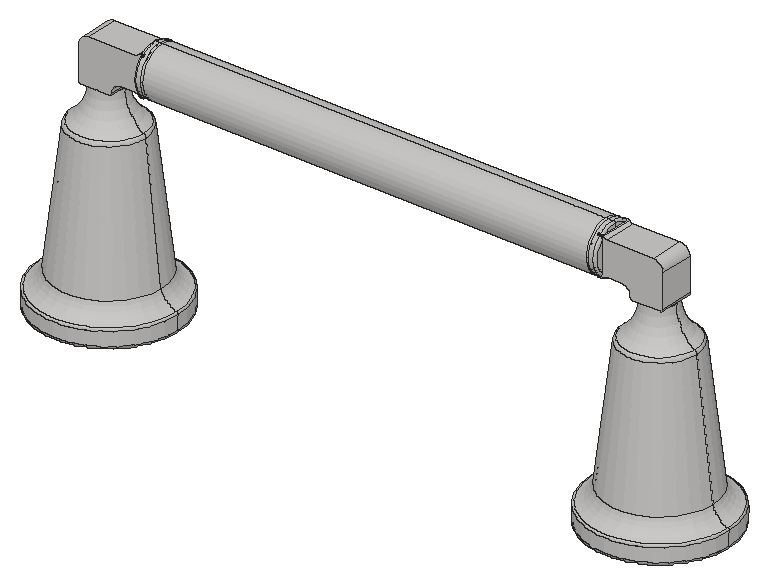
Revit family "FG74808-SUP473283_BIM", category Plumbing Fixtures, host Face, Revit 2014
Parameters (values of type "Standard")
  Width = 10"  # constant formula
  Vent Connection = no
  URL = ""
  Manufacturer = ""
  Faucet Material = Metal - Delta - Stainless-Steel
  Model = "FG74808-SUP473283"  # constant formula
  Height = 3 43/64"  # constant formula
  Description = "Faucet"  # constant formula
  Depth = 2 1/64"  # constant formula
  Default Elevation = 0"
Reference planes (in)
  plane 1 "Center (Front/Back)": y = 0
  plane 2: z = 0
  plane 3 "Center (Left/Right)": x = 0
  plane 4: y = 1.00781
  plane 5: y = -1.00781
  plane 6: z = 3.67187
  plane 7: x = 10.125
  plane 8: x = -5
  plane 9: x = 5
Forms (in)
  Revolve 1, solid, material "Metal - Delta - Stainless-Steel" <- "Faucet Material"
    sketch origin (0, 0, 0) x (1, 0, 0) y (0, 0, 1)
      loop
        line (-4.91532, 0) -> (-4.91532, 0.22378)
        arc (-4.91532, 0.22378) -> (-4.78204, 0.33659) -> (-4.70938, 0.49536) r 0.40081
        arc (-4.70938, 0.49536) -> (-4.54415, 1.43185) -> (-4.44485, 2.37761) r 13.58497
        arc (-4.44485, 2.37761) -> (-4.24127, 2.61229) -> (-4.16479, 2.91341) r 0.67301
        line (-4.16479, 2.91341) -> (-4.22664, 2.91341)
        arc (-4.22664, 2.91341) -> (-4.29264, 2.63152) -> (-4.48644, 2.41646) r 0.58117
        arc (-4.48644, 2.41646) -> (-4.50864, 2.39302) -> (-4.51831, 2.36222) r 0.07173
        arc (-4.51831, 2.36222) -> (-4.61188, 1.42749) -> (-4.74728, 0.49789) r 20.93898
        arc (-4.74728, 0.49789) -> (-4.82588, 0.35629) -> (-4.96275, 0.26972) r 0.32726
        arc (-4.96275, 0.26972) -> (-4.98016, 0.25707) -> (-4.98682, 0.2366) r 0.03482
        line (-4.98682, 0.2366) -> (-4.98682, 0.03864)
        arc (-4.98682, 0.03864) -> (-4.9755, 0.01132) -> (-4.94818, 0) r 0.03864
        line (-4.94818, 0) -> (-4.91532, 0)
      axis (-3.98683, 0) -> (-3.98683, 2.91341)
    angle from 0 to 360
  Extrusion 2, solid, material "Metal - Delta - Stainless-Steel" <- "Faucet Material"
    sketch origin (0, 0, 0) x (1, 0, 0) y (0, 0, 1)
      loop
        arc (-4.08632, 3.56021) -> (-4.18554, 3.51911) -> (-4.22664, 3.41989) r 0.14032
        line (-4.22664, 3.41989) -> (-4.22664, 2.94817)
        arc (-4.22664, 2.94817) -> (-4.21657, 2.92386) -> (-4.19226, 2.91379) r 0.03438
        line (-4.19226, 2.91379) -> (-3.78927, 2.91379)
        arc (-3.78927, 2.91379) -> (-3.76252, 2.92443) -> (-3.7504, 2.95054) r 0.03893
        arc (-3.7504, 2.95054) -> (-3.70682, 3.0444) -> (-3.61067, 3.08266) r 0.13995
        line (-3.61067, 3.08266) -> (-3.41325, 3.08266)
        arc (-3.41325, 3.08266) -> (-3.37986, 3.07531) -> (-3.35264, 3.05461) r 0.07949
        arc (-3.35264, 3.05461) -> (-3.33995, 3.04495) -> (-3.32437, 3.04152) r 0.03709
        line (-3.32437, 3.04152) -> (-3.28559, 3.04152) -> (-3.28559, 3.59776) -> (-3.32441, 3.59776)
        arc (-3.32441, 3.59776) -> (-3.33999, 3.59447) -> (-3.35289, 3.58516) r 0.03847
        arc (-3.35289, 3.58516) -> (-3.37843, 3.56673) -> (-3.40924, 3.56021) r 0.07611
        line (-3.40924, 3.56021) -> (-4.08632, 3.56021)
    from -0.23981 to 0.2398
  Revolve 3, solid, material "Metal - Delta - Stainless-Steel" <- "Faucet Material"
    sketch origin (0, 0, 0) x (1, 0, 0) y (0, 0, 1)
      loop
        line (3.20819, 3.67497) -> (-3.20819, 3.67497)
        arc (-3.20819, 3.67497) -> (-3.22478, 3.67066) -> (-3.24142, 3.6748) r 0.03477
        line (-3.24142, 3.6748) -> (-3.30426, 3.6748)
        arc (-3.30426, 3.6748) -> (-3.32801, 3.66497) -> (-3.33785, 3.64122) r 0.03359
        line (-3.33785, 3.64122) -> (-3.33785, 3.32015) -> (3.33785, 3.32015) -> (3.33785, 3.64122)
        arc (3.33785, 3.64122) -> (3.32801, 3.66497) -> (3.30426, 3.6748) r 0.03359
        line (3.30426, 3.6748) -> (3.24142, 3.6748)
        arc (3.24142, 3.6748) -> (3.22478, 3.67066) -> (3.20819, 3.67497) r 0.03477
      axis (-3.33785, 3.32015) -> (3.33785, 3.32015)
    angle from 0 to 360
  Revolve 4, solid, material "Metal - Delta - Stainless-Steel" <- "Faucet Material"
    sketch origin (0, 0, 0) x (-1, 0, 0) y (0, 0, -1)
      loop
        line (-4.91532, 0) -> (-4.94818, 0)
        arc (-4.94818, 0) -> (-4.9755, -0.01132) -> (-4.98682, -0.03864) r 0.03864
        line (-4.98682, -0.03864) -> (-4.98682, -0.2366)
        arc (-4.98682, -0.2366) -> (-4.98016, -0.25707) -> (-4.96275, -0.26972) r 0.03482
        arc (-4.96275, -0.26972) -> (-4.82588, -0.35629) -> (-4.74728, -0.49789) r 0.32726
        arc (-4.74728, -0.49789) -> (-4.61188, -1.42749) -> (-4.51831, -2.36222) r 20.93898
        arc (-4.51831, -2.36222) -> (-4.50864, -2.39302) -> (-4.48644, -2.41646) r 0.07173
        arc (-4.48644, -2.41646) -> (-4.29264, -2.63152) -> (-4.22664, -2.91341) r 0.58117
        line (-4.22664, -2.91341) -> (-4.16479, -2.91341)
        arc (-4.16479, -2.91341) -> (-4.24127, -2.61229) -> (-4.44485, -2.37761) r 0.67301
        arc (-4.44485, -2.37761) -> (-4.54415, -1.43185) -> (-4.70938, -0.49536) r 13.58497
        arc (-4.70938, -0.49536) -> (-4.78204, -0.33659) -> (-4.91532, -0.22378) r 0.40081
        line (-4.91532, -0.22378) -> (-4.91532, 0)
      axis (-3.98683, 0) -> (-3.98683, -2.91341)
    angle from 0 to 360
  Extrusion 5, solid, material "Metal - Delta - Stainless-Steel" <- "Faucet Material"
    sketch origin (0, 0, 0) x (-1, 0, 0) y (0, 0, -1)
      loop
        line (-4.08632, -3.56021) -> (-3.40924, -3.56021)
        arc (-3.40924, -3.56021) -> (-3.37843, -3.56673) -> (-3.35289, -3.58516) r 0.07611
        arc (-3.35289, -3.58516) -> (-3.33999, -3.59447) -> (-3.32441, -3.59776) r 0.03847
        line (-3.32441, -3.59776) -> (-3.28559, -3.59776) -> (-3.28559, -3.04152) -> (-3.32437, -3.04152)
        arc (-3.32437, -3.04152) -> (-3.33995, -3.04495) -> (-3.35264, -3.05461) r 0.03709
        arc (-3.35264, -3.05461) -> (-3.37986, -3.07531) -> (-3.41325, -3.08266) r 0.07949
        line (-3.41325, -3.08266) -> (-3.61067, -3.08266)
        arc (-3.61067, -3.08266) -> (-3.70682, -3.0444) -> (-3.7504, -2.95054) r 0.13995
        arc (-3.7504, -2.95054) -> (-3.76252, -2.92443) -> (-3.78927, -2.91379) r 0.03893
        line (-3.78927, -2.91379) -> (-4.19226, -2.91379)
        arc (-4.19226, -2.91379) -> (-4.21657, -2.92386) -> (-4.22664, -2.94817) r 0.03438
        line (-4.22664, -2.94817) -> (-4.22664, -3.41989)
        arc (-4.22664, -3.41989) -> (-4.18554, -3.51911) -> (-4.08632, -3.56021) r 0.14032
    from -0.23981 to 0.2398
Cuts and joins
  joined: Extrusion 2, Revolve 3, Extrusion 5
Dimensions and locks (in)
  equal spacing: plane 4, plane 1 "Center (Front/Back)", plane 5
  "Depth": plane 4 to plane 5
  "Height": plane 6 to plane 2
  equal spacing: plane 8, plane 3 "Center (Left/Right)", plane 9
  "Width": plane 8 to plane 9
  aligned and locked: plane 2 to host face
  aligned and locked: level to host face
Automatic sketch dimensions
  host sketch curve to host sketch curve = 96"  (x2)
  Revolve 1 sketch curve to level = 0"
  Revolve 1 sketch curve to plane 6 = 0.30802"
  Revolve 1 sketch curve to plane 8 = 20.39471"
  plane 6 to Revolve 1 sketch curve = 0.34936"
  Revolve 1 sketch curve to Revolve 1 sketch curve = 7.3978"
  Revolve 1 sketch curve to plane 8 = 0.10142"
  Revolve 1 sketch curve to Revolve 1 sketch curve = 0.0376"
  plane 8 to Revolve 1 sketch curve = 0.01318"
  Revolve 1 sketch curve to Revolve 1 sketch curve = 0.03482"
  plane 8 to Revolve 1 sketch curve = 0.05182"
  Revolve 1 sketch curve to Revolve 1 sketch curve = 0.03286"
  plane 8 to Revolve 1 sketch curve = 0.16229"
  Revolve 1 sketch curve to Revolve 1 sketch curve = 0.03004"
  plane 8 to Revolve 1 sketch curve = 0.55321"
  Revolve 1 sketch curve to Revolve 1 sketch curve = 0.58103"
  Revolve 1 sketch curve to Revolve 1 sketch curve = 0.06185"
  Revolve 1 sketch curve to Revolve 1 sketch curve = 0.18514"
  Revolve 1 sketch curve to Revolve 1 sketch curve = 0.01282"
  Revolve 1 sketch curve to Revolve 1 sketch curve = 0.34218"
  Revolve 1 sketch curve to Revolve 1 sketch curve = 0.00221"
  plane 6 to Revolve 1 sketch curve = 1.3152"
  Revolve 1 sketch curve to Revolve 1 sketch curve = 0.54411"
  Revolve 1 sketch curve to Revolve 1 sketch curve = 0.01262"
  Revolve 1 sketch curve to Revolve 1 sketch curve = 0.02327"
  Revolve 1 sketch curve to Revolve 1 sketch curve = 0"  (x3)
  Revolve 1 sketch curve to Revolve 1 sketch curve = 0.0379"
  level to Revolve 1 sketch curve = 0.25814"
  Revolve 1 sketch curve to Revolve 1 sketch curve = 0.72255"
  level to Revolve 1 sketch curve = 0.04156"
  plane 6 to Extrusion 2 sketch curve = 0.25198"
  plane 8 to Extrusion 2 sketch curve = 0.77336"
  Extrusion 2 sketch curve to Extrusion 2 sketch curve = 0.03438"
  plane 6 to Extrusion 2 sketch curve = 0.11166"
  Extrusion 2 sketch curve to Extrusion 2 sketch curve = 0.40299"
  Extrusion 2 sketch curve to Extrusion 2 sketch curve = 0.1786"
  Extrusion 2 sketch curve to Extrusion 2 sketch curve = 0.19742"
  Extrusion 2 sketch curve to Extrusion 2 sketch curve = 0.00401"
  Extrusion 2 sketch curve to Extrusion 2 sketch curve = 0.08483"
  Extrusion 2 sketch curve to Extrusion 2 sketch curve = 0.08888"
  Extrusion 2 sketch curve to Extrusion 2 sketch curve = 0.03882"
  Extrusion 2 sketch curve to Extrusion 2 sketch curve = 0.47755"
  Extrusion 2 sketch curve to Extrusion 2 sketch curve = 0.00405"
  Extrusion 2 sketch curve to Extrusion 2 sketch curve = 0.03709"
  Extrusion 2 sketch curve to Extrusion 2 sketch curve = 0.07949"
  Extrusion 2 sketch curve to Extrusion 2 sketch curve = 0.12994"
  Extrusion 2 sketch curve to Extrusion 2 sketch curve = 0.00455"
  Extrusion 2 sketch curve to Extrusion 2 sketch curve = 0.13995"
  Extrusion 2 sketch curve to Extrusion 2 sketch curve = 0.00092"
  Extrusion 2 sketch curve to Extrusion 2 sketch curve = 0.03847"
  plane 6 to Extrusion 2 sketch curve = 0.03555"
  plane 6 to Revolve 3 sketch curve = 0.35172"
  plane 8 to Revolve 3 sketch curve = 1.66215"
  Revolve 3 sketch curve to plane 6 = 0.00293"  (x2)
  Revolve 3 sketch curve to Revolve 3 sketch curve = 0.03359"  (x2)
  Revolve 3 sketch curve to Revolve 3 sketch curve = 0.06284"  (x2)
  Revolve 3 sketch curve to Revolve 3 sketch curve = 0.01646"
  Revolve 3 sketch curve to plane 6 = 0.00309"
  Revolve 3 sketch curve to Revolve 3 sketch curve = 0.03323"  (x2)
  Revolve 3 sketch curve to plane 9 = 1.79181"
  Revolve 3 sketch curve to Revolve 3 sketch curve = 0.01676"
  Revolve 3 sketch curve to Revolve 3 sketch curve = 0.16214"
  Revolve 3 sketch curve to Revolve 3 sketch curve = 0.25226"
  Revolve 3 sketch curve to Revolve 3 sketch curve = 0"
  Revolve 4 sketch curve to level = 0"
  Revolve 4 sketch curve to plane 6 = 0.30802"
  plane 7 to Revolve 4 sketch curve = 15.26971"
  plane 6 to Revolve 4 sketch curve = 0.34936"
  Revolve 4 sketch curve to Revolve 4 sketch curve = 7.3978"
  plane 9 to Revolve 4 sketch curve = 0.10142"
  Revolve 4 sketch curve to Revolve 4 sketch curve = 0.0376"
  Revolve 4 sketch curve to plane 9 = 0.01318"
  Revolve 4 sketch curve to Revolve 4 sketch curve = 0.03482"
  Revolve 4 sketch curve to plane 9 = 0.05182"
  Revolve 4 sketch curve to Revolve 4 sketch curve = 0.03286"
  Revolve 4 sketch curve to plane 9 = 0.16229"
  Revolve 4 sketch curve to Revolve 4 sketch curve = 0.03004"
  Revolve 4 sketch curve to plane 9 = 0.55321"
  Revolve 4 sketch curve to Revolve 4 sketch curve = 0.58103"
  Revolve 4 sketch curve to Revolve 4 sketch curve = 0.06185"
  plane 6 to Revolve 4 sketch curve = 0.74782"
  Revolve 4 sketch curve to Revolve 4 sketch curve = 0.01065"
  Revolve 4 sketch curve to Revolve 4 sketch curve = 0.02327"
  Revolve 4 sketch curve to Revolve 4 sketch curve = 0.55673"
  Revolve 4 sketch curve to Revolve 4 sketch curve = 0.54234"
  Revolve 4 sketch curve to Revolve 4 sketch curve = 0.00221"
  Revolve 4 sketch curve to Revolve 4 sketch curve = 0.19796"
  Revolve 4 sketch curve to Revolve 4 sketch curve = 0.01282"
  Revolve 4 sketch curve to Revolve 4 sketch curve = 0"  (x3)
  Revolve 4 sketch curve to Revolve 4 sketch curve = 0.0379"
  level to Revolve 4 sketch curve = 0.25814"
  Revolve 4 sketch curve to Revolve 4 sketch curve = 0.72255"
  level to Revolve 4 sketch curve = 0.04156"
  plane 6 to Extrusion 5 sketch curve = 0.25198"
  Extrusion 5 sketch curve to plane 9 = 0.77336"
  Extrusion 5 sketch curve to Extrusion 5 sketch curve = 0.03438"
  plane 6 to Extrusion 5 sketch curve = 0.11166"
  Extrusion 5 sketch curve to Extrusion 5 sketch curve = 0.40299"
  Extrusion 5 sketch curve to Extrusion 5 sketch curve = 0.1786"
  Extrusion 5 sketch curve to Extrusion 5 sketch curve = 0.19742"
  Extrusion 5 sketch curve to Extrusion 5 sketch curve = 0.00401"
  Extrusion 5 sketch curve to Extrusion 5 sketch curve = 0.08483"
  Extrusion 5 sketch curve to Extrusion 5 sketch curve = 0.08888"
  Extrusion 5 sketch curve to Extrusion 5 sketch curve = 0.03882"
  plane 6 to Extrusion 5 sketch curve = 0.07411"
  plane 6 to Extrusion 5 sketch curve = 0.03555"
  Extrusion 5 sketch curve to Extrusion 5 sketch curve = 0.03847"
  Extrusion 5 sketch curve to Extrusion 5 sketch curve = 0.47755"
  Extrusion 5 sketch curve to Extrusion 5 sketch curve = 0.00405"
  Extrusion 5 sketch curve to Extrusion 5 sketch curve = 0.03709"
  Extrusion 5 sketch curve to Extrusion 5 sketch curve = 0.07949"
  Extrusion 5 sketch curve to Extrusion 5 sketch curve = 0.12994"
  Extrusion 5 sketch curve to Extrusion 5 sketch curve = 0.00455"
  Extrusion 5 sketch curve to Extrusion 5 sketch curve = 0.13995"
